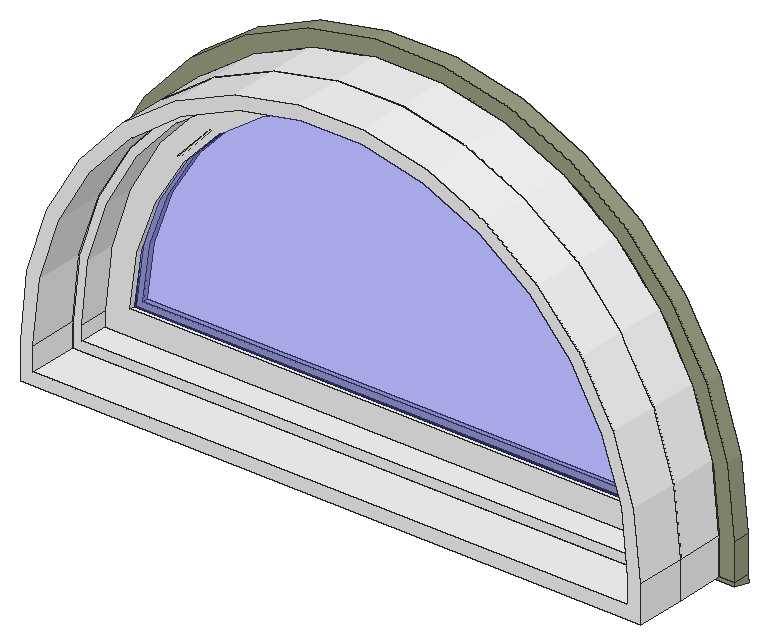
Revit family
Parameters (values of type "4Ft 2 7/8In W x 2 Ft 4 7/16In H (URTXD40)")
  URL = "http://www.kolbe-kolbe.com/productoverview/index.cfm?page=ultraradius&source=model"
  SmartBIM Object Version = 1  # constant formula
  SmartBIM Object Created By = "Reed Construction Data"  # constant formula
  Sill Nosing = yes
  Rough Width = Width + 0' 0 1/2"  # 4' - 3 3/8"
  Rough Opening Top = yes
  Rough Opening Right = yes
  Rough Opening Left = yes
  Rough Height = Height + 0' 0 1/2"  # 2' - 4 15/16"
  RO Top = if(Rough Opening Top, 0' 0 1/2", 0' 0")  # 0' - 0 1/2"
  RO Right = if(Rough Opening Right, 0' 0 1/4", 0' 0")  # 0' - 0 1/4"
  RO Left = if(Rough Opening Left, 0' 0 1/4", 0' 0")  # 0' - 0 1/4"
  Model = "URTXD40"
  Interior Material = Kolbe Ultra Pure White
  Glass Material = Glass
  Exterior Wall Offset = 0' - 0"
  Exterior Sash Material = Kolbe Spiced Vinegar
  Exterior Jamb and Trim Material = Kolbe Bay Leaf
  Emergency Escape & Rescue Opening = no
  Manufacturer = "Kolbe & Kolbe Millwork Co., Inc."  # constant formula
  Height = 2' - 4 7/16"
  Drip Extension = if([2In Brickmould], 0' 1 79/256", 0' 0")  # 0' - 1 79/256"
  Description = "Kolbe Ultra Series Outswing Entrance 2 Wide Sash Set Half Circle "  # constant formula
  Default Sill Height = 3' - 0"
  Wall Closure = (empty or 0)
  Width = 2 * Calculated Height  # 4' - 2 7/8"
  Calculated Height = Height - 0' 3"  # 2' - 1 7/16"
  95 CSI = "08550"  # constant formula
  2In Brickmould = yes
  04 CSI = "08 52 00"  # constant formula
Reference planes (in)
  plane 1 "Center (Front/Back)": y = 10.26021
  plane 2: z = 0
  plane 3 "Center (Left/Right)": x = -3.5
  plane 4 "Right7": x = -28.9375
  plane 5 "Left": x = 21.9375
  plane 6 "Bottom Of Sill": z = 36
  plane 7 "Top Of Jamb": z = 64.4375
  plane 8: z = 50.21875
  plane 9 "Top Edge Of Sash": z = 63.6193
  plane 10 "Top of Leg": z = 39
  plane 11: x = 20.49609
  plane 12: x = -27.49609
  plane 13: x = 21.24742
  plane 14: x = -30.24609
  plane 15 "Exterior Wall Offset": y = 14.26021
  plane 16: y = 15.55739
  plane 17: z = 31.39224
  plane 18: x = 23.24609
  plane 19: y = 13.93464
  plane 20: y = 13.80964
  plane 21: y = 13.18464
  plane 22: y = 13.05964
  plane 23: z = 63.375
  plane 24: z = 39.31248
Forms (in)
  Sweep 1, solid, material "Kolbe Ultra Pure White" <- "Interior Material"
    path origin (0, 14.26021, 0) x (0, 0, 1) y (-1, 0, 0)
      loop
        line (36, -21.9375) -> (39, -21.9375)
        arc (39, -21.9375) -> (64.4375, 3.5) -> (39, 28.9375) r 25.4375
        line (39, 28.9375) -> (36, 28.9375) -> (36, -21.9375)
    profile "Interior_Jamb : Interior_Jamb" origin (-3.5, 14.26021, 36) x (0, 0, -1) y (0, -1, 0)
      loop
        line (-1.0625, 3.95057) -> (-1.0625, 0) -> (0, 0) -> (0, 3.95057) -> (-1.0625, 3.95057)
  Sweep 2, solid, material "Kolbe Bay Leaf" <- "Exterior Jamb and Trim Material"
    path origin (0, 14.26021, 0) x (0, 0, 1) y (-1, 0, 0)
      loop
        arc (39, -21.9375) -> (64.4375, 3.5) -> (39, 28.9375) r 25.4375
        line (39, 28.9375) -> (36, 28.9375) -> (36, -21.9375) -> (39, -21.9375)
    profile "Exterior_Jamb : Exterior_Jamb" origin (21.9375, 14.26021, 37.5) x (1, 0, 0) y (0, -1, 0)
      loop
        line (-0.74688, -1.29693) -> (0, -1.29693) -> (0, 0) -> (-1.0625, 0) -> (-1.0625, -0.22418) -> (-1.8125, -0.22418) -> (-1.8125, -0.31793) -> (-0.8125, -0.31793) -> (-0.8125, -0.54693) -> (-0.74688, -1.29693)
  Sweep 3, solid, material "Kolbe Spiced Vinegar" <- "Exterior Sash Material"
    path origin (0, 14.26021, 0) x (0, 0, 1) y (-1, 0, 0)
      loop
        line (37.0625, 27.875) -> (39, 27.875)
        arc (39, 27.875) -> (63.375, 3.5) -> (39, -20.875) r 24.375
        line (39, -20.875) -> (37.0625, -20.875)
    profile "Profile_Sash-Exterior-Double-Hung-Radius-Vertical_Kolbe : Profile_Sash-Exterior-Double-Hung-Radius-Vertical_Kolbe" origin (-3.5, 14.26021, 63.375) x (0, 0, 1) y (0, -1, 0)
      loop
        line (-2.75, -0.14318) -> (0, -0.14318) -> (0, 0.76307) -> (-2.125, 0.76307) -> (-2.125, 0.26332) -> (-2.75, 0.26332) -> (-2.75, -0.14318)
  Sweep 4, solid, material "Kolbe Spiced Vinegar" <- "Exterior Sash Material"
    path origin (0, 14.26021, 0) x (0, 0, 1) y (-1, 0, 0)
      loop
        line (36.63071, -20.64681) -> (36.63071, 27.58969)
    profile "Profile_Sash-Exterior-Double-Hung-Radius-Vertical_Kolbe : Profile_Sash-Exterior-Double-Hung-Radius-Vertical_Kolbe" origin (-3.47144, 14.26021, 36.63071) x (0, 0, -1) y (0, -1, 0)
      loop
        line (-3.18177, -0.14318) -> (-0.43177, -0.14318) -> (-0.43177, 0.76307) -> (-2.55677, 0.76307) -> (-2.55677, 0.26332) -> (-3.18177, 0.26332) -> (-3.18177, -0.14318)
  Sweep 5, solid, material "Kolbe Ultra Pure White" <- "Interior Material"
    path origin (0, 14.26021, 0) x (0, 0, 1) y (-1, 0, 0)
      loop
        line (37.0625, 27.875) -> (39, 27.875)
        arc (39, 27.875) -> (63.375, 3.5) -> (39, -20.875) r 24.375
        line (39, -20.875) -> (37.0625, -20.875)
    profile "Profile_Sash-Interior-Double-Hung-Radius-Vertical_Kolbe : Profile_Sash-Interior-Double-Hung-Radius-Vertical_Kolbe" origin (-3.5, 14.26021, 63.375) x (0, 0, 1) y (0, -1, 0)
      loop
        line (-2.125, 0.76307) -> (0, 0.76307) -> (0, 1.57557) -> (-2.75, 1.57557) -> (-2.75, 1.20057) -> (-2.125, 1.20057) -> (-2.125, 0.76307)
  Sweep 6, solid, material "Kolbe Ultra Pure White" <- "Interior Material"
    path origin (0, 14.26021, 0) x (0, 0, 1) y (-1, 0, 0)
      loop
        line (36.63071, -20.49609) -> (36.63071, 27.49609)
    profile "Profile_Sash-Interior-Double-Hung-Radius-Vertical_Kolbe : Profile_Sash-Interior-Double-Hung-Radius-Vertical_Kolbe" origin (-3.5, 14.26021, 36.63071) x (0, 0, -1) y (0, -1, 0)
      loop
        line (-2.55677, 0.76307) -> (-0.43177, 0.76307) -> (-0.43177, 1.57557) -> (-3.18177, 1.57557) -> (-3.18177, 1.20057) -> (-2.55677, 1.20057) -> (-2.55677, 0.76307)
  Extrusion 7, solid, material "Glass" <- "Glass Material"
    sketch origin (0, 14.26021, 0) x (0, 0, 1) y (-1, 0, 0)
      loop
        line (39.31248, 25.49868) -> (39.31248, -18.49868)
        arc (39.31248, -18.49868) -> (61.12448, 3.5) -> (39.31248, 25.49868) r 21.99948
    from 1.07557 to 1.20057
  Extrusion 8, solid, material "Glass"
    sketch origin (0, 14.26021, 0) x (0, 0, 1) y (-1, 0, 0)
      loop
        line (39.31248, 25.49868) -> (39.31248, -18.49868)
        arc (39.31248, -18.49868) -> (61.12448, 3.5) -> (39.31248, 25.49868) r 21.99948
    from 0.32557 to 0.45057
  Sweep 9, solid, material "Kolbe Ultra Pure White" <- "Interior Material"
    path origin (0, 6.96321, 0) x (0, 0, 1) y (-1, 0, 0)
      loop
        line (39, 28.9375) -> (36, 28.9375) -> (36, -21.9375) -> (39, -21.9375)
        arc (39, -21.9375) -> (64.4375, 3.5) -> (39, 28.9375) r 25.4375
    profile origin (-3.5, 6.96321, 64.4375) x (0, 0, 1) y (0, -1, 0)
      loop
        line (0, -3.34643) -> (0, 0.703) -> (-1.0625, 0.703) -> (-1.0625, -3.34643) -> (0, -3.34643)
  Sweep 10, solid, material "Kolbe Bay Leaf" <- "Exterior Jamb and Trim Material", visible <- "2In Brickmould"
    path origin (0, 14.26021, 0) x (0, 0, 1) y (-1, 0, 0)
      loop
        line (36, 28.9375) -> (39, 28.9375)
        arc (39, 28.9375) -> (64.4375, 3.5) -> (39, -21.9375) r 25.4375
        line (39, -21.9375) -> (36, -21.9375)
    profile "2In Brickmould : 2In Brickmould" origin (-3.5, 14.26021, 64.4375) x (0, 0, 1) y (0, -1, 0)
      loop
        line (1.30792, -1.36693) -> (1.30792, 0) -> (0, 0) -> (0, -1.29693) -> (-0.74688, -1.29693) -> (-0.73268, -1.36693) -> (0.24542, -1.36693) -> (0.665, -1.17969) -> (0.99542, -1.30443) -> (0.99542, -1.36693) -> (1.30792, -1.36693)
  Sweep 11, solid, material "Kolbe Bay Leaf" <- "Exterior Jamb and Trim Material", visible <- "Sill Nosing"
    path origin (0, 14.26021, 0) x (0, 0, 1) y (-1, 0, 0)
      loop
        line (36, 30.24609) -> (36, -23.24609)
    profile origin (-3.5, 14.26021, 36) x (0, 0, 1) y (0, -1, 0)
      loop
        line (-0.60771, -1.36719) -> (0, -1.36719) -> (0, 0) -> (-0.28337, 0) -> (-0.60771, -1.36719)
  Sweep 12, solid, material "Kolbe Ultra Pure White" <- "Interior Material"
    path origin (0, 14.26021, 0) x (0, 0, 1) y (-1, 0, 0)
      loop
        line (39, 28.9375) -> (36, 28.9375) -> (36, -21.9375) -> (39, -21.9375)
        arc (39, -21.9375) -> (64.4375, 3.5) -> (39, 28.9375) r 25.4375
    profile "Stop : Stop" origin (-3.5, 14.26021, 64.4375) x (0, 0, 1) y (0, -1, 0)
      loop
        line (-1.8125, 1.57557) -> (-1.0625, 1.57557) -> (-1.0625, 3.95057) -> (-1.8125, 3.95057) -> (-1.8125, 1.57557)
Cuts and joins
  joined: Sweep 3, Sweep 4
  joined: Sweep 5, Sweep 6
Lines and regions (in)
  Opening 1
    outline origin (-60, 6.26021, 0) x (1, 0, 0) y (0, 0, 1)
      loop
        line (30.8125, 36) -> (82.1875, 36) -> (82.1875, 39)
        arc (82.1875, 39) -> (56.5, 64.9375) -> (30.8125, 39) r 25.6887
        line (30.8125, 39) -> (30.8125, 36)
Text (in)
  text "EXTERIOR" at (-29.38532, 16.41517, 0), in view "Ref. Level"
  text "INTERIOR" at (-29.38532, 5.08702, 0), in view "Ref. Level"
  text "Exterior" at (0, 33.7805, 75.30765), in view "Left"
  text "Exterior" at (0, 21.508, 64.22595), in view "Right"
  text "Interior" at (0, 0.98273, 75.30765), in view "Left"
  text "Interior" at (0, -8.87301, 64.22595), in view "Right"
Dimensions and locks (in)
  equal spacing: plane 4 "Right7", plane 3 "Center (Left/Right)", plane 5 "Left"
  "Width": plane 4 "Right7" to plane 5 "Left"
  "Calculated Height": plane 10 "Top of Leg" to plane 7 "Top Of Jamb"
  "Default Sill Height": plane 2 to plane 6 "Bottom Of Sill"
  equal spacing: plane 6 "Bottom Of Sill", plane 8, plane 7 "Top Of Jamb"
  locked: plane 9 "Top Edge Of Sash" to plane 7 "Top Of Jamb" at 0.8182
  locked: plane 10 "Top of Leg" to plane 6 "Bottom Of Sill" at 3
  locked: plane 11 to plane 5 "Left" at 1.44141
  locked: plane 4 "Right7" to plane 12 at 1.44141
  locked: plane 13 to plane 5 "Left" at 0.69008
  "Drip Extension": plane 14 to plane 4 "Right7"
  locked: plane 16 to plane 15 "Exterior Wall Offset" at 1.29719
  locked: Sweep 11 sketch curve to Sweep 11 sketch curve at 0.28337
  locked: Extrusion 7 to Extrusion 7 at 0.125
  "Drip Extension": plane 5 "Left" to plane 18
  locked: plane 6 "Bottom Of Sill" to Sweep 4 sketch curve at 0.63071
  locked: Sweep 3 to Sweep 4 sketch curve at 0.28531
  locked: Sweep 3 to Sweep 4 sketch curve at 0.22819
  locked: plane 6 "Bottom Of Sill" to Sweep 6 sketch curve at 0.63071
  locked: plane 21 to plane 22 at 0.125
  locked: plane 19 to plane 20 at 0.125
  locked: plane 19 to plane 22 at 0.875
  locked: plane 15 "Exterior Wall Offset" to plane 19 at 0.32557
  locked: Extrusion 8 sketch curve to plane 9 "Top Edge Of Sash" at 2.49482
  locked: Extrusion 7 sketch curve to plane 7 "Top Of Jamb" at 3.31302
  "Exterior Wall Offset": plane 15 "Exterior Wall Offset" to host wall
  locked: plane 23 to plane 7 "Top Of Jamb" at 1.0625
  "RO Left": plane 5 "Left" to Opening 1 sketch curve
  "RO Top": Opening 1 sketch curve to plane 7 "Top Of Jamb"
  "RO Right": Opening 1 sketch curve to plane 4 "Right7"
  locked: plane 24 to plane 10 "Top of Leg" at 0.31248
  "Calculated Height": radius of Sweep 1 sketch curve
  "Calculated Height": radius of Sweep 2 sketch curve
  "Calculated Height": radius of Sweep 9 sketch curve
  "Calculated Height": radius of Sweep 12 sketch curve
  aligned and locked: Sweep 1 sketch curve to plane 6 "Bottom Of Sill"  (x2)
  aligned and locked: plane 10 "Top of Leg" to Sweep 1 sketch curve
  aligned and locked: Sweep 1 sketch curve to plane 10 "Top of Leg"
  aligned and locked: level to plane 2
  aligned and locked: plane 10 "Top of Leg" to Opening 1 sketch curve
  aligned and locked: Opening 1 sketch curve to plane 10 "Top of Leg"
  aligned and locked: Sweep 1 sketch curve to plane 4 "Right7"
  aligned and locked: plane 5 "Left" to Sweep 2 sketch curve  (x2)
  aligned and locked: plane 10 "Top of Leg" to Sweep 2 sketch curve  (x2)
  aligned and locked: Sweep 2 sketch curve to plane 10 "Top of Leg"
  aligned and locked: plane 10 "Top of Leg" to Sweep 10 sketch curve
  aligned and locked: Sweep 10 sketch curve to plane 6 "Bottom Of Sill"
  aligned and locked: plane 6 "Bottom Of Sill" to Sweep 10 sketch curve
  aligned and locked: Sweep 10 sketch curve to plane 10 "Top of Leg"
  aligned and locked: Sweep 11 sketch curve to plane 6 "Bottom Of Sill"
  aligned and locked: plane 14 to Sweep 11 sketch curve
  aligned and locked: Sweep 11 to Sweep 2 sketch curve
  aligned and locked: plane 4 "Right7" to Sweep 2 sketch curve
  aligned and locked: Sweep 9 sketch curve to plane 6 "Bottom Of Sill"
  aligned and locked: Sweep 3 sketch curve to Sweep 9  (x2)
  aligned and locked: Sweep 5 sketch curve to Sweep 9
  aligned and locked: host wall to Sweep 9 sketch curve
  aligned and locked: plane 5 "Left" to Sweep 10 sketch curve
  aligned and locked: Sweep 10 sketch curve to plane 4 "Right7"
  aligned and locked: host wall to plane 1 "Center (Front/Back)"
  aligned and locked: plane 18 to Sweep 11 sketch curve
  aligned and locked: Extrusion 7 to plane 22
  aligned and locked: Extrusion 8 to plane 20
  aligned and locked: Extrusion 8 to plane 19
  aligned and locked: Sweep 9 to Sweep 3 sketch curve
  aligned and locked: Sweep 1 to Sweep 5 sketch curve
  aligned and locked: Sweep 5 sketch curve to Sweep 1
  aligned and locked: plane 23 to Sweep 9 sketch curve
  aligned and locked: plane 11 to Sweep 6 sketch curve
  aligned and locked: plane 12 to Sweep 6 sketch curve
  aligned and locked: plane 7 "Top Of Jamb" to Sweep 9 sketch curve
  aligned and locked: Sweep 9 sketch curve to Sweep 1
  aligned and locked: Extrusion 7 sketch curve to plane 24
  aligned and locked: Extrusion 8 sketch curve to plane 24
Automatic sketch dimensions
  Extrusion 7 sketch curve to plane 3 "Center (Left/Right)" = 0' - 0"
  Extrusion 8 sketch curve to plane 3 "Center (Left/Right)" = 0' - 0"
  Sweep 9 sketch curve to plane 3 "Center (Left/Right)" = 0' - 0"
  Sweep 9 sketch curve to plane 10 "Top of Leg" = 0' - 0"
  Sweep 11 sketch curve to profile plane = 0' - 0"
  profile plane to Sweep 11 sketch curve = 0' - 0.60771"
  Sweep 12 sketch curve to plane 4 "Right7" = 0' - 0"
  Sweep 12 sketch curve to plane 6 "Bottom Of Sill" = 0' - 0"
  Sweep 12 sketch curve to plane 10 "Top of Leg" = 0' - 0"
  Opening 1 sketch curve to plane 6 "Bottom Of Sill" = 0' - 0"
  plane 10 "Top of Leg" to Extrusion 7 sketch curve = 0' - 0 1/8"
  plane 10 "Top of Leg" to Extrusion 8 sketch curve = 0' - 0 1/8"
